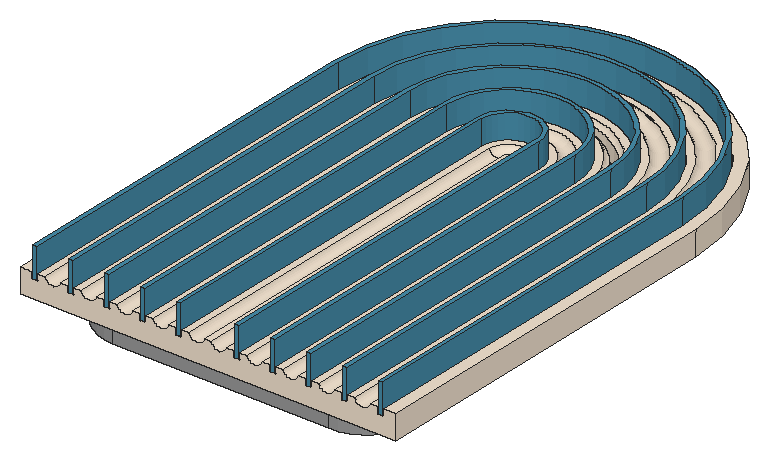
Revit family "EC-SC-ARC 2", category Lighting Fixtures, host Face, Revit 2020 (continued)
Definition of nested family "CRS-LN_Small_ 3000k"
  Dimensions and locks (in)
    aligned and locked: plane 1 "Eixo de origem da luz (F/T)" to imposter light
    aligned and locked: level to plane 2
Definition of nested family "CRS-LN_Small_Round_3000k"
  Parameters (values of type "CRS-LN_Small_Round_3000k")
    Wattage = 0.336605 W
    built-in parameter 1150110 = 1 (stored number, unit not read)
    built-in parameter 1114217 = 1 (stored number, unit not read)
    built-in parameter 1150109 = 1 (stored number, unit not read)
    Light Source Symbol Size = 0' - 1.1811"
    Emit from Circle Diameter = 0' - 5.0315"
    Emit Shape Visible in Rendering = no
    Default Elevation = 4' - 0"
    built-in parameter 1150134 = (empty or 0)
    built-in parameter 1150113 = 1 (stored number, unit not read)
    Lumens = 50 lm
    built-in parameter 1150115 = 1 (stored number, unit not read)
    built-in parameter 1150105 = 15.915 (stored number, unit not read)
    built-in parameter 1150137 = (empty or 0)
    built-in parameter 1150139 = (empty or 0)
    built-in parameter 1150112 = 1 (stored number, unit not read)
    built-in parameter 1150114 = 1 (stored number, unit not read)
    built-in parameter 1150132 = 2
    built-in parameter 1150102 = (empty or 0)
    built-in parameter 1150138 = (empty or 0)
    built-in parameter 1150107 = 3000 (stored number, unit not read)
    built-in parameter 1150106 = 0.15915 (stored number, unit not read)
    built-in parameter 1150104 = 13.8 (stored number, unit not read)
    Dimming Lamp Color Temperature Shift = (empty or 0)
    Color Filter = 16777215
    built-in parameter 1114218 = 1 (stored number, unit not read)
    built-in parameter 1150133 = 10 (stored number, unit not read)
  Reference planes (in)
    plane 1 "Eixo de origem da luz (F/T)": y = 0
    plane 2: z = 0
    plane 3 "Eixo de origem da luz (E/D)": x = 0
    plane 4 "Elevação da origem da luz": z = 0.33018
  Dimensions and locks (in)
    aligned and locked: plane 1 "Eixo de origem da luz (F/T)" to imposter light
    aligned and locked: level to plane 2
Definition of nested family "CRS-LN_Small_ 3500k"
  Parameters (values of type "CRS-LN_Small_ 3500k")
    Wattage = 0.336605 W
    built-in parameter 1150110 = 1 (stored number, unit not read)
    built-in parameter 1114217 = 1 (stored number, unit not read)
    built-in parameter 1150109 = 1 (stored number, unit not read)
    Light Source Symbol Size = 0' - 1.37795"
    Emit from Rectangle Width = 0' - 5.0315"
    Emit from Rectangle Length = 0' - 5.0315"
    Emit Shape Visible in Rendering = no
    Default Elevation = 4' - 0"
    built-in parameter 1150134 = (empty or 0)
    built-in parameter 1150113 = 1 (stored number, unit not read)
    Lumens = 50 lm
    built-in parameter 1150115 = 1 (stored number, unit not read)
    built-in parameter 1150105 = 15.915 (stored number, unit not read)
    built-in parameter 1150137 = (empty or 0)
    built-in parameter 1150139 = (empty or 0)
    built-in parameter 1150112 = 1 (stored number, unit not read)
    built-in parameter 1150114 = 1 (stored number, unit not read)
    built-in parameter 1150132 = 2
    built-in parameter 1150102 = (empty or 0)
    built-in parameter 1150138 = (empty or 0)
    built-in parameter 1150107 = 3500 (stored number, unit not read)
    built-in parameter 1150106 = 0.15915 (stored number, unit not read)
    built-in parameter 1150104 = 13.8 (stored number, unit not read)
    Dimming Lamp Color Temperature Shift = (empty or 0)
    Color Filter = 16777215
    built-in parameter 1114218 = 1 (stored number, unit not read)
    built-in parameter 1150133 = 10 (stored number, unit not read)
  Reference planes (in)
    plane 1 "Eixo de origem da luz (F/T)": y = 0
    plane 2: z = 0
    plane 3 "Eixo de origem da luz (E/D)": x = 0
    plane 4 "Elevação da origem da luz": z = 0.33018
  Dimensions and locks (in)
    aligned and locked: plane 1 "Eixo de origem da luz (F/T)" to imposter light
    aligned and locked: level to plane 2
Definition of nested family "CRS-LN_Small_Round_3500k"
  Parameters (values of type "CRS-LN_Small_Round_3500k")
    Wattage = 0.336605 W
    built-in parameter 1150110 = 1 (stored number, unit not read)
    built-in parameter 1114217 = 1 (stored number, unit not read)
    built-in parameter 1150109 = 1 (stored number, unit not read)
    Light Source Symbol Size = 0' - 1.1811"
    Emit from Circle Diameter = 0' - 5.0315"
    Emit Shape Visible in Rendering = no
    Default Elevation = 4' - 0"
    built-in parameter 1150134 = (empty or 0)
    built-in parameter 1150113 = 1 (stored number, unit not read)
    Lumens = 50 lm
    built-in parameter 1150115 = 1 (stored number, unit not read)
    built-in parameter 1150105 = 15.915 (stored number, unit not read)
    built-in parameter 1150137 = (empty or 0)
    built-in parameter 1150139 = (empty or 0)
    built-in parameter 1150112 = 1 (stored number, unit not read)
    built-in parameter 1150114 = 1 (stored number, unit not read)
    built-in parameter 1150132 = 2
    built-in parameter 1150102 = (empty or 0)
    built-in parameter 1150138 = (empty or 0)
    built-in parameter 1150107 = 3500 (stored number, unit not read)
    built-in parameter 1150106 = 0.15915 (stored number, unit not read)
    built-in parameter 1150104 = 13.8 (stored number, unit not read)
    Dimming Lamp Color Temperature Shift = (empty or 0)
    Color Filter = 16777215
    built-in parameter 1114218 = 1 (stored number, unit not read)
    built-in parameter 1150133 = 10 (stored number, unit not read)
  Reference planes (in)
    plane 1 "Eixo de origem da luz (F/T)": y = 0
    plane 2: z = 0
    plane 3 "Eixo de origem da luz (E/D)": x = 0
    plane 4 "Elevação da origem da luz": z = 0.33018
  Dimensions and locks (in)
    aligned and locked: plane 1 "Eixo de origem da luz (F/T)" to imposter light
    aligned and locked: level to plane 2
Definition of nested family "CRS-LN_Small_ 4000k"
  Parameters (values of type "CRS-LN_Small_ 4000k")
    Wattage = 0.336605 W
    built-in parameter 1150110 = 1 (stored number, unit not read)
    built-in parameter 1114217 = 1 (stored number, unit not read)
    built-in parameter 1150109 = 1 (stored number, unit not read)
    Light Source Symbol Size = 0' - 1.37795"
    Emit from Rectangle Width = 0' - 5.0315"
    Emit from Rectangle Length = 0' - 5.0315"
    Emit Shape Visible in Rendering = no
    Default Elevation = 4' - 0"
    built-in parameter 1150134 = 12
    built-in parameter 1150113 = 1 (stored number, unit not read)
    Lumens = 50 lm
    built-in parameter 1150115 = 1 (stored number, unit not read)
    built-in parameter 1150105 = 15.915 (stored number, unit not read)
    built-in parameter 1150137 = (empty or 0)
    built-in parameter 1150139 = (empty or 0)
    built-in parameter 1150112 = 1 (stored number, unit not read)
    built-in parameter 1150114 = 1 (stored number, unit not read)
    built-in parameter 1150132 = 2
    built-in parameter 1150102 = (empty or 0)
    built-in parameter 1150138 = (empty or 0)
    built-in parameter 1150107 = 4000 (stored number, unit not read)
    built-in parameter 1150106 = 0.15915 (stored number, unit not read)
    built-in parameter 1150104 = 13.8 (stored number, unit not read)
    Dimming Lamp Color Temperature Shift = (empty or 0)
    Color Filter = 16777215
    built-in parameter 1114218 = 1 (stored number, unit not read)
    built-in parameter 1150133 = 10 (stored number, unit not read)
  Reference planes (in)
    plane 1 "Eixo de origem da luz (F/T)": y = 0
    plane 2: z = 0
    plane 3 "Eixo de origem da luz (E/D)": x = 0
    plane 4 "Elevação da origem da luz": z = 0.33018
  Dimensions and locks (in)
    aligned and locked: plane 1 "Eixo de origem da luz (F/T)" to imposter light
    aligned and locked: level to plane 2
Definition of nested family "CRS-LN_Small_Round_4000k"
  Parameters (values of type "CRS-LN_Small_Round_4000k")
    Wattage = 0.336605 W
    built-in parameter 1150110 = 1 (stored number, unit not read)
    built-in parameter 1114217 = 1 (stored number, unit not read)
    built-in parameter 1150109 = 1 (stored number, unit not read)
    Light Source Symbol Size = 0' - 1.1811"
    Emit from Circle Diameter = 0' - 5.0315"
    Emit Shape Visible in Rendering = no
    Default Elevation = 4' - 0"
    built-in parameter 1150134 = 12
    built-in parameter 1150113 = 1 (stored number, unit not read)
    Lumens = 50 lm
    built-in parameter 1150115 = 1 (stored number, unit not read)
    built-in parameter 1150105 = 15.915 (stored number, unit not read)
    built-in parameter 1150137 = (empty or 0)
    built-in parameter 1150139 = (empty or 0)
    built-in parameter 1150112 = 1 (stored number, unit not read)
    built-in parameter 1150114 = 1 (stored number, unit not read)
    built-in parameter 1150132 = 2
    built-in parameter 1150102 = (empty or 0)
    built-in parameter 1150138 = (empty or 0)
    built-in parameter 1150107 = 4000 (stored number, unit not read)
    built-in parameter 1150106 = 0.15915 (stored number, unit not read)
    built-in parameter 1150104 = 13.8 (stored number, unit not read)
    Dimming Lamp Color Temperature Shift = (empty or 0)
    Color Filter = 16777215
    built-in parameter 1114218 = 1 (stored number, unit not read)
    built-in parameter 1150133 = 10 (stored number, unit not read)
  Reference planes (in)
    plane 1 "Eixo de origem da luz (F/T)": y = 0
    plane 2: z = 0
    plane 3 "Eixo de origem da luz (E/D)": x = 0
    plane 4 "Elevação da origem da luz": z = 0.33018
  Dimensions and locks (in)
    aligned and locked: plane 1 "Eixo de origem da luz (F/T)" to imposter light
    aligned and locked: level to plane 2
Types (7): name | wood
  WOOD - Cherry | _aaline__WOOD_Cherry
  WOOD - Walnut | _aaline__WOOD_Walnut
  WOOD - White Oak | _aaline__WOOD_White Oak
  WOOD - Hard Maple | _aaline__WOOD_Hard Maple
  WOOD - White Ash | _aaline__WOOD_White Ash
  WOOD FINISH PAINTED - Satin Black | _aaline_Satin Black
  WOOD FINISH PAINTED - Satin White | _aaline_Satin White
